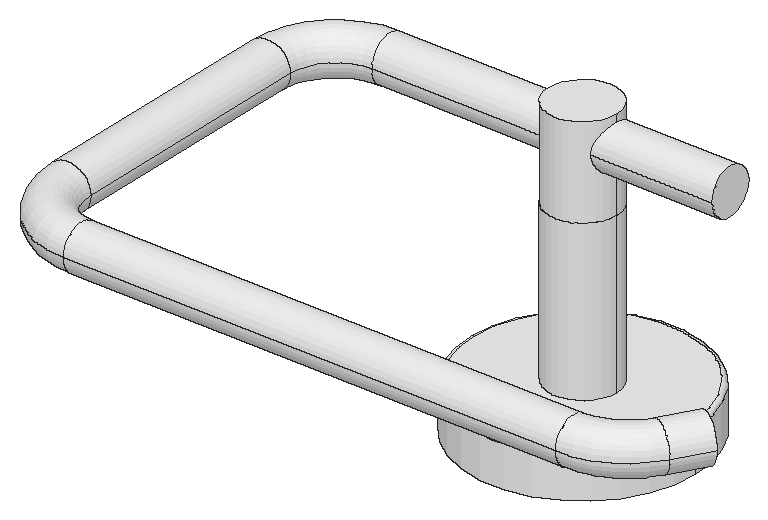
Revit family "Incepa_Acessorios_Thema_Papeleira_B8003C2CR0", category Plumbing Fixtures, host Face, Revit 2014
Parameters (values of type "Papeleira")
  Waste Connection = no
  WFU = 0
  Vent Connection = no
  URL = "http://www.incepa.com.br"
  Type Comments = ""
  Selo de Qualidade ofcdesk = "Standard"
  Model = "B8003I4CR0"
  Metais [instance] = Celite - Cromado
  Manufacturer = "Incepa"
  Keynote = ""
  Incepa: Versão = "Autodesk Revit MEP 2014"
  Incepa: Tipo = "Papeleiras"
  Incepa: Produto = "Metais"
  Incepa: Norma [instance] = "ABNT NBR 10282: 2003"
  Incepa: Linha = "Thema"
  Incepa: Informações Técnicas = "N/A"
  Incepa: Informações Gerais = "N/A"
  Incepa: Fabricante = "Incepa"
  Incepa: Descrição = "Papeleira Thema (B8003I4CR0), Acessórios - Metais Incepa"
  Incepa: Código = "B8003I4CR0"
  Incepa: Cores Disponíveis = "Cromado"
  Incepa: Copyright © = "© 2014 Incepa"
  Incepa: Categoria = "Acessórios"
  Incepa: Altura da Peça [instance] = 0 mm
  HWFU = 0
  HW Connection = no
  Desenvolvido por = "ofcdesk"
  Description = "Papeleira Thema (B8003I4CR0), Acessórios - Metais Incepa"
  Default Elevation = 1400 mm
  Cost = 0
  CWFU = 0
  CW Connection = no
  Assembly Code = "D2010"
Reference planes
  plane 1 "Center (Front/Back)": y = 0
  plane 2: z = 0
  plane 3 "Center (Left/Right)": x = 0
Forms (mm)
  Sweep 1, solid, material "Celite - Cromado" <- "Metais"
    path origin (0, 0, 0) x (1, 0, 0) y (0, 1, 0)
      loop
        line (32.5, 0) -> (-42.5, 0)
        arc (-42.5, 0) -> (-53.107, -4.393) -> (-57.5, -15) r 15
        line (-57.5, -15) -> (-57.5, -70)
        arc (-57.5, -70) -> (-53.107, -80.607) -> (-42.5, -85) r 15
        line (-42.5, -85) -> (65.961, -85)
        arc (65.961, -85) -> (73.461, -82.99) -> (78.951, -77.5) r 15
        line (78.951, -77.5) -> (83.281, -70)
    profile origin (-5, 0, 0) x (0, -1, 0) y (0, 0, 1)
      loop
        circle (0, 58.5) r 5
  Sweep 2, solid, material "Celite - Cromado" <- "Metais"
    path origin (0, 0, 0) x (1, 0, 0) y (0, 1, 0)
      loop
        circle (0, 0) r 25
    profile origin (0, 25, 0) x (0, -1, 0) y (0, 0, 1)
      loop
        line (0, 0) -> (17.5, 0) -> (17.5, 10) -> (1, 10)
        arc (1, 10) -> (0.293, 9.707) -> (0, 9) r 1
        line (0, 9) -> (0, 0)
  Extrusion 3, solid, material "Celite - Cromado" <- "Metais"
    sketch origin (0, 0, 0) x (1, 0, 0) y (0, 1, 0)
      loop
        circle (0, 0) r 7.5
    from 0 to 45
  Extrusion 4, solid, material "Celite - Cromado" <- "Metais"
    sketch origin (0, 0, 0) x (1, 0, 0) y (0, 1, 0)
      loop
        circle (0, 0) r 7.5
    from 45 to 65
Cuts and joins
  joined: Sweep 1, Extrusion 4
  joined: Sweep 2, Extrusion 3
Dimensions and locks
  aligned and locked: plane 2 to host face
  aligned and locked: level to host face
